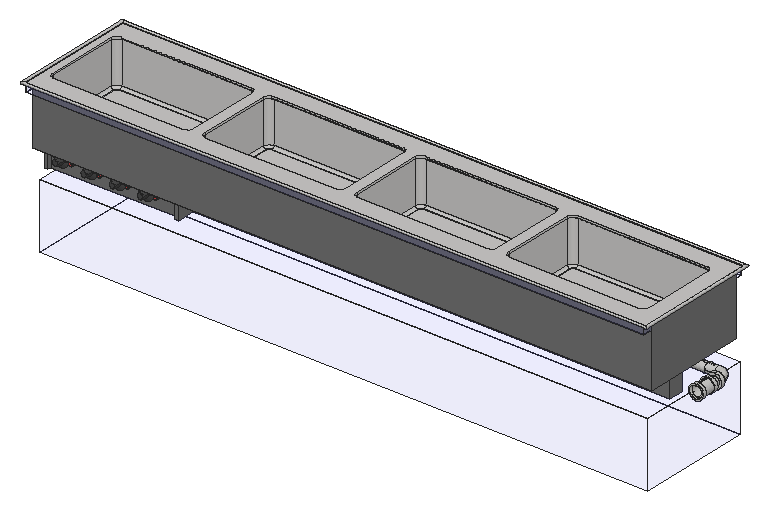
Revit family "QF_Vollrath_3664430_cat", category Specialty Equipment, Revit 2016
Family settings
  Part Type = Normal
  Round Connector Dimension = Use Radius
  OmniClass Number = 23.40.40.14.14
  OmniClass Title = Food Preparation Equipment
  Work Plane-Based = No
  Always vertical = Yes
  Cut with Voids When Loaded = No
  Shared = No
  Room Calculation Point = No
Parameters
  Width = 7' - 4 9/16"
  Weight in Pounds = 0
  Watts = 0 W
  Waste Water Discharge Temperature [instance] = -459.67 °F
  Volts = 0 V
  URL Cutsheet = ""
  URL = "www.vollrathco.com"
  Status [instance] = ""
  Specification by User [instance] = ""
  Specification by Manufacturer [instance] = ""
  Serial Number [instance] = ""
  Seismic Rating [instance] = ""
  SMACNA No [instance] = ""
  Revision Code [instance] = ""
  Remote Control Box [instance] = no
  Pnet Number = ""
  Plumbing Remarks [instance] = ""
  Plumbing Connection Type [instance] = ""
  Phase = 0
  Number of Poles = 1
  NAFEM Spec ID Number [instance] = ""
  Mounted Control Box [instance] = not(Remote Control Box)  # yes
  Model = "-"
  Masterspec [instance] = ""
  Manufacturer1 = ""
  Manufacturer Model = ""
  Manufacturer = "Vollrath"
  Length = 0' - 0"
  Legend Number = ""
  Item Number [instance] = "-"
  Item Description = ""
  Installed By [instance] = ""
  Indirect Waste Size = 1"
  Indirect Waste Flow [instance] = 0.00 GPM
  Indirect Waste Connection Type [instance] = ""
  Indirect Waste Connection Height [instance] = Height AFF - 1' 0 3/16"  # 1' - 11 13/16"
  Height AFF [instance] = 3' - 0"
  Height = 1' - 9"
  Furnished By [instance] = ""
  Foodservice Equipment Identifier [instance] = yes
  FL Amps = 0 A
  Electrical Remarks [instance] = ""
  Electric Connection Type [instance] = ""
  Elec Conn RI Height [instance] = 0' - 0"
  Elec Conn Connection Height [instance] = Height AFF - 0' 10"  # 2' - 2"
  EQUIPMENT MARK = ""
  EQUIPMENT DESCRIPTION = ""
  Description = "Short Side Hot Drop-in"
  Depth = 1' - 6"
  Cycle = 60 Hz
  Conn Plug = "-"
  CSI MasterFormat = "11 42 00"
  Auto Fill = no
  Assembly Code = "E1090320"
  Apparent Power = if(Phase = 3, Volts * FL Amps * 1.73, Volts * FL Amps)  # 0 VA
  Actual Weight = 0
  AF Watts = 16 W
  AF Waste Water Discharge Temperature [instance] = -459.67 °F
  AF Volts = 120 V
  AF Plumbing Remarks [instance] = ""
  AF Plumbing Connection Type [instance] = ""
  AF Phase = 1
  AF Number of Poles [instance] = 1
  AF Item Number [instance] = "-"
  AF Indirect Waste Size = 3/8"
  AF Indirect Waste Flow [instance] = 0.00 GPM
  AF Indirect Waste Connection Type [instance] = ""
  AF Indirect Waste Connection Height [instance] = Height AFF - 0' 2 1/2"  # 2' - 9 1/2"
  AF FL Amps = 0.2 A
  AF Electrical Remarks [instance] = ""
  AF Electric Connection Type [instance] = ""
  AF Elec Conn RI Height [instance] = 0' - 0"
  AF Elec Conn Connection Height [instance] = 2' - 6"
  AF Cycle = 60 Hz
  AF Conn Plug = "NEMA 5-15P"
  AF Cold Water Temperature Recommended [instance] = -459.67 °F
  AF Cold Water Size = 3/8"
  AF Cold Water RI Height [instance] = 0' - 0"
  AF Cold Water Minimum Pressure [instance] = 0.00 psi
  AF Cold Water Maximum Pressure [instance] = 0.00 psi
  AF Cold Water Flow [instance] = 0.00 GPM
  AF Cold Water Consumption [instance] = ""
  AF Cold Water Connection Height [instance] = Height AFF - 0' 8"  # 2' - 4"
  AF Apparent Power = AF Volts * AF FL Amps  # 24 VA
Reference planes (in)
  plane 1 "BACK": y = 0
  plane 2: z = 0
  plane 3 "LEFT": x = -15.489587
  plane 4 "RIGHT": x = 73.072913
  plane 5 "FRONT": y = -18
  plane 6 "Table Top": z = 36
  plane 7 "TOP": z = 36.375
  plane 8: y = -3
  plane 9: y = -15
  plane 10: x = -13.989587
  plane 11: x = 6.010413
  plane 12 "Bottom of Well": z = 29.625
  plane 13 "Bottom of Well Cover": z = 27.5
  plane 14: y = -1.5
  plane 15: y = -16.5
  plane 16: x = -14.989587
  plane 17: x = 72.572913
  plane 18 "Standard Drain": z = 23.75
  plane 19 "Drain FB": x = 4.010413
  plane 20 "Drain LR": y = -4
  plane 21: z = 24.5
  plane 22: z = 21.5
  plane 23 "Back of Panel": y = -12.5
  plane 24: y = -10.5
  plane 25: x = -14.489587
  plane 26: x = 72.010413
  plane 27 "Manifold Drain Top": z = 24.25
  plane 28 "Front of Panel": y = -14.5
  plane 29: x = 4.510413
  plane 30: x = 7.510413
  plane 31: x = 27.510413
  plane 32: x = 25.510413
  plane 33: x = 29.010413
  plane 34: x = 49.010413
  plane 35: x = 47.010413
  plane 36: x = 50.510413
  plane 37: x = 70.510413
  plane 38: x = 68.510413
  plane 39: z = 14.5
Forms (in)
  Sweep 1, solid, material "QF_Finishes_Stainless Steel"
    path origin (0, 0, 36) x (0, 1, 0) y (-1, 0, 0)
      loop
        line (0, 15.489587) -> (-18, 15.489587) -> (-18, -73.072913) -> (0, -73.072913) -> (0, 15.489587)
    profile origin (28.791663, 0, 36) x (0, 1, 0) y (0, 0, 1)
      loop
        line (-0.3712117, 0) -> (-0.1875, 0)
        arc (-0.1875, 0) -> (-0.0422631, 0.3060854) -> (-0.3712117, 0.225) r 0.1875
        line (-0.3712117, 0.225) -> (-0.3712117, 0)
  Sweep 2, solid, material "QF_Finishes_Stainless Steel"
    path origin (0, 0, 36) x (0, 1, 0) y (-1, 0, 0)
      loop
        arc (-3, 13.114587) -> (-3.2562816, 13.7333055) -> (-3.875, 13.989587) r 0.875
        line (-3.875, 13.989587) -> (-14.125, 13.989587)
        arc (-14.125, 13.989587) -> (-14.7437184, 13.7333055) -> (-15, 13.114587) r 0.875
        line (-15, 13.114587) -> (-15, -5.135413)
        arc (-15, -5.135413) -> (-14.7437184, -5.7541314) -> (-14.125, -6.010413) r 0.875
        line (-14.125, -6.010413) -> (-3.875, -6.010413)
        arc (-3.875, -6.010413) -> (-3.2562816, -5.7541314) -> (-3, -5.135413) r 0.875
        line (-3, -5.135413) -> (-3, 13.114587)
    profile origin (-3.989587, -3, 36) x (0, 1, 0) y (0, 0, 1)
      loop
        line (0, 0) -> (0, -5.875)
        arc (0, -5.875) -> (-0.109835, -6.140165) -> (-0.375, -6.25) r 0.375
        line (-0.375, -6.25) -> (-0.375, -6.375)
        arc (-0.375, -6.375) -> (-0.0214466, -6.2285534) -> (0.125, -5.875) r 0.5
        line (0.125, -5.875) -> (0.125, 0) -> (0, 0)
  Extrusion 3, solid, material "QF_Finishes_Stainless Steel"
    sketch origin (0, 0, 29.625) x (0, 1, 0) y (-1, 0, 0)
      loop
        arc (-3.375, 13.114587) -> (-3.5214466, 13.4681404) -> (-3.875, 13.614587) r 0.5
        line (-3.875, 13.614587) -> (-14.125, 13.614587)
        arc (-14.125, 13.614587) -> (-14.4785534, 13.4681404) -> (-14.625, 13.114587) r 0.5
        line (-14.625, 13.114587) -> (-14.625, -5.135413)
        arc (-14.625, -5.135413) -> (-14.4785534, -5.4889664) -> (-14.125, -5.635413) r 0.5
        line (-14.125, -5.635413) -> (-3.875, -5.635413)
        arc (-3.875, -5.635413) -> (-3.5214466, -5.4889664) -> (-3.375, -5.135413) r 0.5
        line (-3.375, -5.135413) -> (-3.375, 13.114587)
      loop
        circle (-4, -4.010413) r 0.5
    from 0 to 0.125
  Extrusion 4, solid, material "QF_Finishes_Dark Grey"
    sketch origin (0, 0, 27.5) x (0, 1, 0) y (-1, 0, 0)
      loop
        line (-1.625, 14.864587) -> (-16.375, 14.864587) -> (-16.375, -72.447913) -> (-1.625, -72.447913) -> (-1.625, 14.864587)
      loop
        circle (-4, -4.010413) r 0.5
      loop
        circle (-4, -25.510413) r 0.5
    from 0 to 0.125
  Extrusion 5, solid, material "QF_Finishes_Dark Grey"
    sketch origin (0, 0, 27.5) x (0, 1, 0) y (-1, 0, 0)
      loop
        line (-1.5, 14.989587) -> (-16.5, 14.989587) -> (-16.5, -72.572913) -> (-1.5, -72.572913) -> (-1.5, 14.989587)
      loop
        line (-1.625, 14.864587) -> (-16.375, 14.864587) -> (-16.375, -72.447913) -> (-1.625, -72.447913) -> (-1.625, 14.864587)
    from 0 to 8.5
  Extrusion 6, solid, material "QF_Finishes_Stainless Steel"
    sketch origin (0, 0, 27.5) x (0, 1, 0) y (-1, 0, 0)
      loop
        circle (-4, -4.010413) r 0.5
      loop
        circle (-4, -4.010413) r 0.625
    from -3.25 to 2.125
  Extrusion 7, solid, material "QF_Finishes_Dark Grey"
    sketch origin (-15.489587, 0, 0) x (0, 1, 0) y (0, 0, 1)
      loop
        line (-10.5, 27.5) -> (-12.5, 27.5) -> (-12.5, 24.5) -> (-10.5, 24.5) -> (-10.5, 27.5)
    from 1 to 87.5
  Extrusion 8, solid, material "QF_Finishes_Dark Grey", visible <- "Mounted Control Box"
    sketch origin (0, 0, 27.5) x (0, 1, 0) y (-1, 0, 0)
      loop
        line (-12.5, 14.489587) -> (-15, 14.489587) -> (-15, 13.989587) -> (-14.5, 13.989587) -> (-14.5, -4.010413) -> (-15, -4.010413) -> (-15, -4.510413) -> (-12.5, -4.510413) -> (-12.5, 14.489587)
    from 0 to -3
  Blend 9, solid, material "QF_Finishes_Black", visible <- "Mounted Control Box"
    base sketch origin (-16, -14.5, 0) x (-1, 0, 0) y (0, 0, 1)
      loop
        circle (-3.510413, 26) r 1
    top sketch origin (-16, -14.5, 0) x (-1, 0, 0) y (0, 0, 1)
      loop
        circle (-3.510413, 26) r 0.5
    from 0 to -0.25
  Blend 10, solid, material "QF_Finishes_Black", visible <- "Mounted Control Box"
    base sketch origin (-16, -14.5, 0) x (-1, 0, 0) y (0, 0, 1)
      loop
        circle (-3.510413, 26) r 0.5
    top sketch origin (-16, -14.5, 0) x (-1, 0, 0) y (0, 0, 1)
      loop
        circle (-3.510413, 26) r 0.375
    from -0.25 to -1
  Extrusion 11, solid, material "QF_Finishes_Black", visible <- "Mounted Control Box"
    sketch origin (-16, -14.5, 0) x (-1, 0, 0) y (0, 0, 1)
      loop
        circle (-5.010413, 26) r 0.25
    from 0 to -0.125
  Extrusion 12, solid, material "QF_Finishes_Red", visible <- "Mounted Control Box"
    sketch origin (-16, -14.5, 0) x (-1, 0, 0) y (0, 0, 1)
      loop
        circle (-5.010413, 26) r 0.1875
    from -0.125 to -0.25
  Extrusion 13, solid, material "QF_Finishes_Stainless Steel"
    sketch origin (13.25, 0, 29.625) x (0, 1, 0) y (-1, 0, 0)
      loop
        arc (-3.375, 4.864587) -> (-3.5214466, 5.2181404) -> (-3.875, 5.364587) r 0.5
        line (-3.875, 5.364587) -> (-14.125, 5.364587)
        arc (-14.125, 5.364587) -> (-14.4785534, 5.2181404) -> (-14.625, 4.864587) r 0.5
        line (-14.625, 4.864587) -> (-14.625, -13.385413)
        arc (-14.625, -13.385413) -> (-14.4785534, -13.7389664) -> (-14.125, -13.885413) r 0.5
        line (-14.125, -13.885413) -> (-3.875, -13.885413)
        arc (-3.875, -13.885413) -> (-3.5214466, -13.7389664) -> (-3.375, -13.385413) r 0.5
        line (-3.375, -13.385413) -> (-3.375, 4.864587)
      loop
        circle (-4, -12.260413) r 0.5
    from 0 to 0.125
  Blend 14, solid, material "QF_Finishes_Black", visible <- "Mounted Control Box"
    base sketch origin (-12, -14.5, 0) x (-1, 0, 0) y (0, 0, 1)
      loop
        circle (-7.510413, 26) r 1
    top sketch origin (-12, -14.5, 0) x (-1, 0, 0) y (0, 0, 1)
      loop
        circle (-7.510413, 26) r 0.5
    from 0 to -0.25
  Blend 15, solid, material "QF_Finishes_Black", visible <- "Mounted Control Box"
    base sketch origin (-12, -14.5, 0) x (-1, 0, 0) y (0, 0, 1)
      loop
        circle (-7.510413, 26) r 0.5
    top sketch origin (-12, -14.5, 0) x (-1, 0, 0) y (0, 0, 1)
      loop
        circle (-7.510413, 26) r 0.375
    from -0.25 to -1
  Extrusion 16, solid, material "QF_Finishes_Black", visible <- "Mounted Control Box"
    sketch origin (4, -14.5, 0) x (-1, 0, 0) y (0, 0, 1)
      loop
        circle (6.989587, 26) r 0.25
    from 0 to -0.125
  Extrusion 17, solid, material "QF_Finishes_Red", visible <- "Mounted Control Box"
    sketch origin (4, -14.5, 0) x (-1, 0, 0) y (0, 0, 1)
      loop
        circle (6.989587, 26) r 0.1875
    from -0.125 to -0.25
  Sweep 18, solid, material "QF_Finishes_Stainless Steel"
    path origin (13.25, 0, 36) x (0, 1, 0) y (-1, 0, 0)
      loop
        arc (-3, 4.864587) -> (-3.2562816, 5.4833055) -> (-3.875, 5.739587) r 0.875
        line (-3.875, 5.739587) -> (-14.125, 5.739587)
        arc (-14.125, 5.739587) -> (-14.7437184, 5.4833055) -> (-15, 4.864587) r 0.875
        line (-15, 4.864587) -> (-15, -13.385413)
        arc (-15, -13.385413) -> (-14.7437184, -14.0041314) -> (-14.125, -14.260413) r 0.875
        line (-14.125, -14.260413) -> (-3.875, -14.260413)
        arc (-3.875, -14.260413) -> (-3.2562816, -14.0041314) -> (-3, -13.385413) r 0.875
        line (-3, -13.385413) -> (-3, 4.864587)
    profile origin (17.510413, -3, 36) x (0, 1, 0) y (0, 0, 1)
      loop
        line (0, 0) -> (0, -5.875)
        arc (0, -5.875) -> (-0.109835, -6.140165) -> (-0.375, -6.25) r 0.375
        line (-0.375, -6.25) -> (-0.375, -6.375)
        arc (-0.375, -6.375) -> (-0.0214466, -6.2285534) -> (0.125, -5.875) r 0.5
        line (0.125, -5.875) -> (0.125, 0) -> (0, 0)
  Extrusion 19, solid, material "QF_Finishes_Stainless Steel"
    sketch origin (13.25, 0, 27.5) x (0, 1, 0) y (-1, 0, 0)
      loop
        circle (-4, -12.260413) r 0.5
      loop
        circle (-4, -12.260413) r 0.625
    from -3.25 to 2.125
  Sweep 20, solid, material "QF_Finishes_Stainless Steel"
    path origin (0.0116054, -4.0016118, 0) x (-1, 0, 0) y (0, 0, 1)
      loop
        line (-70.5691201, 24.25) -> (-2.697913, 24.25)
    profile origin (36.6451219, -4.0016118, 24.25) x (0, 0, 1) y (0, 1, 0)
      loop
        circle (0, 0) r 0.5
      loop
        circle (0, 0) r 0.625
  Extrusion 21, solid, material "QF_Finishes_Stainless Steel"
    sketch origin (4.2720184, -0.0016118, 0) x (0, 1, 0) y (0, 0, 1)
      loop
        circle (-4, 24.25) r 0.5
    from -1.5625 to -1.4375
  Revolve 22, solid, material "QF_Finishes_Stainless Steel"
    sketch origin (73.072913, 0, 0) x (0, 1, 0) y (0, 0, 1)
      loop
        line (-5.4703618, 24.7712902) -> (-5.4703618, 25.2712902) -> (-5.9703618, 25.2712902) -> (-5.9703618, 24.8962902) -> (-6.7203618, 24.8962902) -> (-6.7203618, 25.2712902) -> (-7.2203618, 25.2712902) -> (-7.2203618, 25.1462902) -> (-8.7203618, 25.1462902) -> (-8.7203618, 25.2712902) -> (-9.2203618, 25.2712902) -> (-9.2203618, 25.1462902) -> (-8.8453618, 25.1462902) -> (-8.8453618, 25.0212902) -> (-7.0953618, 25.0212902) -> (-7.0953618, 25.1462902) -> (-6.8453618, 25.1462902) -> (-6.8453618, 24.7712902) -> (-5.8453618, 24.7712902) -> (-5.8453618, 25.1462902) -> (-5.5953618, 25.1462902) -> (-5.5953618, 24.7712902) -> (-5.4703618, 24.7712902)
      axis (-9.2203618, 24.25) -> (-5.4703618, 24.25)
    angle from 0 to 360
  Sweep 23, solid, material "QF_Finishes_Stainless Steel"
    path origin (0, 0, 24.25) x (0, 1, 0) y (-1, 0, 0)
      loop
        line (-4.0016118, -70.5807255) -> (-4.0016118, -72.072913)
        arc (-4.0016118, -72.072913) -> (-4.294505, -72.7800198) -> (-5.0016118, -73.072913) r 1
        line (-5.0016118, -73.072913) -> (-5.5016118, -73.072913)
    profile origin (71.3268192, -4.0016118, 24.25) x (0, 1, 0) y (0, 0, 1)
      loop
        circle (0, 0) r 0.5
      loop
        circle (0, 0) r 0.6462902
  Extrusion 24, solid, material "QF_Finishes_Stainless Steel", visible <- "Auto Fill"
    sketch origin (-20.208337, -1.5, 0) x (-1, 0, 0) y (0, 0, -1)
      loop
        line (-24.25, -35) -> (-9.21875, -35) -> (-9.21875, -32) -> (-24.25, -32) -> (-24.25, -35)
    from 0 to -3.9375
  Extrusion 25, solid, material "QF_Finishes_Stainless Steel", visible <- "Auto Fill"
    sketch origin (-20.208337, -1.5, 0) x (-1, 0, 0) y (0, 0, -1)
      loop
        line (-5.21875, -32) -> (-5.21875, -27.90625) -> (-9.21875, -27.90625) -> (-9.21875, -32) -> (-5.21875, -32)
    from 0 to -2.5
  Extrusion 26, solid, material "QF_Finishes_Stainless Steel", visible <- "Auto Fill"
    sketch origin (4.041663, -16.489587, 0) x (0, 1, 0) y (0, 0, -1)
      loop
        circle (16.958337, -34.5) r 0.1875
    from 0 to -0.0625
  Extrusion 27, solid, material "QF_Finishes_Stainless Steel", visible <- "Auto Fill"
    sketch origin (-14.989587, -16.489587, 0) x (0, 1, 0) y (0, 0, -1)
      loop
        circle (16.239587, -30.96875) r 0.1875
      loop
        circle (16.239587, -28.9375) r 0.1875
    from 0 to 0.0625
  Extrusion 28, solid, material "QF_Finishes_Stainless Steel"
    sketch origin (35.25, 0, 29.625) x (0, 1, 0) y (-1, 0, 0)
      loop
        arc (-3.375, 5.364587) -> (-3.5214466, 5.7181404) -> (-3.875, 5.864587) r 0.5
        line (-3.875, 5.864587) -> (-14.125, 5.864587)
        arc (-14.125, 5.864587) -> (-14.4785534, 5.7181404) -> (-14.625, 5.364587) r 0.5
        line (-14.625, 5.364587) -> (-14.625, -12.885413)
        arc (-14.625, -12.885413) -> (-14.4785534, -13.2389664) -> (-14.125, -13.385413) r 0.5
        line (-14.125, -13.385413) -> (-3.875, -13.385413)
        arc (-3.875, -13.385413) -> (-3.5214466, -13.2389664) -> (-3.375, -12.885413) r 0.5
        line (-3.375, -12.885413) -> (-3.375, 5.364587)
      loop
        circle (-4, -11.760413) r 0.5
    from 0 to 0.125
  Sweep 29, solid, material "QF_Finishes_Stainless Steel"
    path origin (35.25, 0, 36) x (0, 1, 0) y (-1, 0, 0)
      loop
        arc (-3, 5.364587) -> (-3.2562816, 5.9833055) -> (-3.875, 6.239587) r 0.875
        line (-3.875, 6.239587) -> (-14.125, 6.239587)
        arc (-14.125, 6.239587) -> (-14.7437184, 5.9833055) -> (-15, 5.364587) r 0.875
        line (-15, 5.364587) -> (-15, -12.885413)
        arc (-15, -12.885413) -> (-14.7437184, -13.5041314) -> (-14.125, -13.760413) r 0.875
        line (-14.125, -13.760413) -> (-3.875, -13.760413)
        arc (-3.875, -13.760413) -> (-3.2562816, -13.5041314) -> (-3, -12.885413) r 0.875
        line (-3, -12.885413) -> (-3, 5.364587)
    profile origin (39.010413, -3, 36) x (0, 1, 0) y (0, 0, 1)
      loop
        line (0, 0) -> (0, -5.875)
        arc (0, -5.875) -> (-0.109835, -6.140165) -> (-0.375, -6.25) r 0.375
        line (-0.375, -6.25) -> (-0.375, -6.375)
        arc (-0.375, -6.375) -> (-0.0214466, -6.2285534) -> (0.125, -5.875) r 0.5
        line (0.125, -5.875) -> (0.125, 0) -> (0, 0)
  Extrusion 30, solid, material "QF_Finishes_Stainless Steel"
    sketch origin (35.25, 0, 27.5) x (0, 1, 0) y (-1, 0, 0)
      loop
        circle (-4, -11.760413) r 0.5
      loop
        circle (-4, -11.760413) r 0.625
    from -3.25 to 2.125
  Blend 31, solid, material "QF_Finishes_Black", visible <- "Mounted Control Box"
    base sketch origin (-16, -14.5, 0) x (-1, 0, 0) y (0, 0, 1)
      loop
        circle (-7.510413, 26) r 1
    top sketch origin (-16, -14.5, 0) x (-1, 0, 0) y (0, 0, 1)
      loop
        circle (-7.510413, 26) r 0.5
    from 0 to -0.25
  Blend 32, solid, material "QF_Finishes_Black", visible <- "Mounted Control Box"
    base sketch origin (-16, -14.5, 0) x (-1, 0, 0) y (0, 0, 1)
      loop
        circle (-7.510413, 26) r 0.5
    top sketch origin (-16, -14.5, 0) x (-1, 0, 0) y (0, 0, 1)
      loop
        circle (-7.510413, 26) r 0.375
    from -0.25 to -1
  Extrusion 33, solid, material "QF_Finishes_Black", visible <- "Mounted Control Box"
    sketch origin (0, -14.5, 0) x (-1, 0, 0) y (0, 0, 1)
      loop
        circle (6.989587, 26) r 0.25
    from 0 to -0.125
  Extrusion 34, solid, material "QF_Finishes_Red", visible <- "Mounted Control Box"
    sketch origin (0, -14.5, 0) x (-1, 0, 0) y (0, 0, 1)
      loop
        circle (6.989587, 26) r 0.1875
    from -0.125 to -0.25
  Extrusion 35, solid, material "QF_Finishes_Stainless Steel"
    sketch origin (0, 0, 36) x (0, 1, 0) y (-1, 0, 0)
      loop
        arc (-3, 13.114587) -> (-3.2562816, 13.7333055) -> (-3.875, 13.989587) r 0.875
        line (-3.875, 13.989587) -> (-14.125, 13.989587)
        arc (-14.125, 13.989587) -> (-14.7437184, 13.7333055) -> (-15, 13.114587) r 0.875
        line (-15, 13.114587) -> (-15, -5.135413)
        arc (-15, -5.135413) -> (-14.7437184, -5.7541314) -> (-14.125, -6.010413) r 0.875
        line (-14.125, -6.010413) -> (-3.875, -6.010413)
        arc (-3.875, -6.010413) -> (-3.2562816, -5.7541314) -> (-3, -5.135413) r 0.875
        line (-3, -5.135413) -> (-3, 13.114587)
      loop
        line (-0.3712117, 15.1183753) -> (-17.6287883, 15.1183753) -> (-17.6287883, -72.7017012) -> (-0.3712117, -72.7017012) -> (-0.3712117, 15.1183753)
      loop
        arc (-3, -8.385413) -> (-3.2562816, -7.7666945) -> (-3.875, -7.510413) r 0.875
        line (-3.875, -7.510413) -> (-14.125, -7.510413)
        arc (-14.125, -7.510413) -> (-14.7437184, -7.7666945) -> (-15, -8.385413) r 0.875
        line (-15, -8.385413) -> (-15, -26.635413)
        arc (-15, -26.635413) -> (-14.7437184, -27.2541314) -> (-14.125, -27.510413) r 0.875
        line (-14.125, -27.510413) -> (-3.875, -27.510413)
        arc (-3.875, -27.510413) -> (-3.2562816, -27.2541314) -> (-3, -26.635413) r 0.875
        line (-3, -26.635413) -> (-3, -8.385413)
      loop
        arc (-3, -29.885413) -> (-3.2562816, -29.2666945) -> (-3.875, -29.010413) r 0.875
        line (-3.875, -29.010413) -> (-14.125, -29.010413)
        arc (-14.125, -29.010413) -> (-14.7437184, -29.2666945) -> (-15, -29.885413) r 0.875
        line (-15, -29.885413) -> (-15, -48.135413)
        arc (-15, -48.135413) -> (-14.7437184, -48.7541314) -> (-14.125, -49.010413) r 0.875
        line (-14.125, -49.010413) -> (-3.875, -49.010413)
        arc (-3.875, -49.010413) -> (-3.2562816, -48.7541314) -> (-3, -48.135413) r 0.875
        line (-3, -48.135413) -> (-3, -29.885413)
      loop
        arc (-3, -51.385413) -> (-3.2562816, -50.7666945) -> (-3.875, -50.510413) r 0.875
        line (-3.875, -50.510413) -> (-14.125, -50.510413)
        arc (-14.125, -50.510413) -> (-14.7437184, -50.7666945) -> (-15, -51.385413) r 0.875
        line (-15, -51.385413) -> (-15, -69.635413)
        arc (-15, -69.635413) -> (-14.7437184, -70.2541314) -> (-14.125, -70.510413) r 0.875
        line (-14.125, -70.510413) -> (-3.875, -70.510413)
        arc (-3.875, -70.510413) -> (-3.2562816, -70.2541314) -> (-3, -69.635413) r 0.875
        line (-3, -69.635413) -> (-3, -51.385413)
    from 0 to 0.2265625
  Extrusion 36, solid, material "QF_Finishes_Stainless Steel"
    sketch origin (56.75, 0, 29.625) x (0, 1, 0) y (-1, 0, 0)
      loop
        arc (-3.375, 5.364587) -> (-3.5214466, 5.7181404) -> (-3.875, 5.864587) r 0.5
        line (-3.875, 5.864587) -> (-14.125, 5.864587)
        arc (-14.125, 5.864587) -> (-14.4785534, 5.7181404) -> (-14.625, 5.364587) r 0.5
        line (-14.625, 5.364587) -> (-14.625, -12.885413)
        arc (-14.625, -12.885413) -> (-14.4785534, -13.2389664) -> (-14.125, -13.385413) r 0.5
        line (-14.125, -13.385413) -> (-3.875, -13.385413)
        arc (-3.875, -13.385413) -> (-3.5214466, -13.2389664) -> (-3.375, -12.885413) r 0.5
        line (-3.375, -12.885413) -> (-3.375, 5.364587)
      loop
        circle (-4, -11.760413) r 0.5
    from 0 to 0.125
  Sweep 37, solid, material "QF_Finishes_Stainless Steel"
    path origin (56.75, 0, 36) x (0, 1, 0) y (-1, 0, 0)
      loop
        arc (-3, 5.364587) -> (-3.2562816, 5.9833055) -> (-3.875, 6.239587) r 0.875
        line (-3.875, 6.239587) -> (-14.125, 6.239587)
        arc (-14.125, 6.239587) -> (-14.7437184, 5.9833055) -> (-15, 5.364587) r 0.875
        line (-15, 5.364587) -> (-15, -12.885413)
        arc (-15, -12.885413) -> (-14.7437184, -13.5041314) -> (-14.125, -13.760413) r 0.875
        line (-14.125, -13.760413) -> (-3.875, -13.760413)
        arc (-3.875, -13.760413) -> (-3.2562816, -13.5041314) -> (-3, -12.885413) r 0.875
        line (-3, -12.885413) -> (-3, 5.364587)
    profile origin (60.510413, -3, 36) x (0, 1, 0) y (0, 0, 1)
      loop
        line (0, 0) -> (0, -5.875)
        arc (0, -5.875) -> (-0.109835, -6.140165) -> (-0.375, -6.25) r 0.375
        line (-0.375, -6.25) -> (-0.375, -6.375)
        arc (-0.375, -6.375) -> (-0.0214466, -6.2285534) -> (0.125, -5.875) r 0.5
        line (0.125, -5.875) -> (0.125, 0) -> (0, 0)
  Extrusion 38, solid, material "QF_Finishes_Stainless Steel"
    sketch origin (56.75, 0, 27.5) x (0, 1, 0) y (-1, 0, 0)
      loop
        circle (-4, -11.760413) r 0.5
      loop
        circle (-4, -11.760413) r 0.625
    from -3.25 to 2.125
  Blend 39, solid, material "QF_Finishes_Black", visible <- "Mounted Control Box"
    base sketch origin (-8, -14.5, 0) x (-1, 0, 0) y (0, 0, 1)
      loop
        circle (-7.510413, 26) r 1
    top sketch origin (-8, -14.5, 0) x (-1, 0, 0) y (0, 0, 1)
      loop
        circle (-7.510413, 26) r 0.5
    from 0 to -0.25
  Blend 40, solid, material "QF_Finishes_Black", visible <- "Mounted Control Box"
    base sketch origin (-8, -14.5, 0) x (-1, 0, 0) y (0, 0, 1)
      loop
        circle (-7.510413, 26) r 0.5
    top sketch origin (-8, -14.5, 0) x (-1, 0, 0) y (0, 0, 1)
      loop
        circle (-7.510413, 26) r 0.375
    from -0.25 to -1
  Extrusion 41, solid, material "QF_Finishes_Black", visible <- "Mounted Control Box"
    sketch origin (8, -14.5, 0) x (-1, 0, 0) y (0, 0, 1)
      loop
        circle (6.989587, 26) r 0.25
    from 0 to -0.125
  Extrusion 42, solid, material "QF_Finishes_Red", visible <- "Mounted Control Box"
    sketch origin (8, -14.5, 0) x (-1, 0, 0) y (0, 0, 1)
      loop
        circle (6.989587, 26) r 0.1875
    from -0.125 to -0.25
  Extrusion 43, solid, material "QF_Finishes_Clearances"
    sketch origin (0, 0, 36) x (0, 1, 0) y (-1, 0, 0)
      loop
        line (-17.6875, 14.989587) -> (-17.6875, -72.510413) -> (-0.375, -72.510413) -> (-0.375, 14.989587) -> (-17.6875, 14.989587)
      loop
        line (-0.5, -72.385413) -> (-0.5, 14.864587) -> (-17.5625, 14.864587) -> (-17.5625, -72.385413) -> (-0.5, -72.385413)
    from 0 to -1
  Extrusion 44, solid, material "QF_Finishes_Clearances"
    sketch origin (4.010413, 0, 0) x (0, 1, 0) y (0, 0, 1)
      loop
        line (0, 23.75) -> (-16.5, 23.75) -> (-16.5, 14.5) -> (0, 14.5) -> (0, 23.75)
    from -18 to 68
Lines and regions (in)
  symbolic lines
    curve 1: line (-15.489587, 0, 27.5) -> (73.072913, 0, 27.5)
    curve 2: line (-15.489587, -18, 27.5) -> (-15.489587, 0, 27.5)
    curve 3: line (73.072913, -18, 27.5) -> (-15.489587, -18, 27.5)
    curve 4: line (73.072913, 0, 27.5) -> (73.072913, -18, 27.5)
    curve 5: line (-13.114587, -3, 27.5) -> (5.135413, -3, 27.5)
    curve 6: line (-13.989587, -14.125, 27.5) -> (-13.989587, -3.875, 27.5)
    curve 7: line (5.135413, -15, 27.5) -> (-13.114587, -15, 27.5)
    curve 8: line (6.010413, -3.875, 27.5) -> (6.010413, -14.125, 27.5)
    curve 9: arc (-13.114587, -15, 27.5) -> (-13.7333055, -14.7437184, 27.5) -> (-13.989587, -14.125, 27.5) r 0.875
    curve 10: arc (5.135413, -15, 27.5) -> (5.7541314, -14.7437184, 27.5) -> (6.010413, -14.125, 27.5) r 0.875
    curve 11: arc (-13.989587, -3.875, 27.5) -> (-13.7333055, -3.2562816, 27.5) -> (-13.114587, -3, 27.5) r 0.875
    curve 12: arc (5.135413, -3, 27.5) -> (5.7541314, -3.2562816, 27.5) -> (6.010413, -3.875, 27.5) r 0.875
    curve 13: line (8.385413, -3, 27.5) -> (26.635413, -3, 27.5)
    curve 14: line (7.510413, -14.125, 27.5) -> (7.510413, -3.875, 27.5)
    curve 15: line (26.635413, -15, 27.5) -> (8.385413, -15, 27.5)
    curve 16: line (27.510413, -3.875, 27.5) -> (27.510413, -14.125, 27.5)
    curve 17: arc (8.385413, -15, 27.5) -> (7.7666945, -14.7437184, 27.5) -> (7.510413, -14.125, 27.5) r 0.875
    curve 18: arc (26.635413, -15, 27.5) -> (27.2541314, -14.7437184, 27.5) -> (27.510413, -14.125, 27.5) r 0.875
    curve 19: arc (7.510413, -3.875, 27.5) -> (7.7666945, -3.2562816, 27.5) -> (8.385413, -3, 27.5) r 0.875
    curve 20: arc (26.635413, -3, 27.5) -> (27.2541314, -3.2562816, 27.5) -> (27.510413, -3.875, 27.5) r 0.875
    curve 26: line (29.885413, -3, 27.5) -> (48.135413, -3, 27.5)
    curve 27: line (29.010413, -14.125, 27.5) -> (29.010413, -3.875, 27.5)
    curve 28: line (48.135413, -15, 27.5) -> (29.885413, -15, 27.5)
    curve 29: line (49.010413, -3.875, 27.5) -> (49.010413, -14.125, 27.5)
    curve 30: arc (29.885413, -15, 27.5) -> (29.2666945, -14.7437184, 27.5) -> (29.010413, -14.125, 27.5) r 0.875
    curve 31: arc (48.135413, -15, 27.5) -> (48.7541314, -14.7437184, 27.5) -> (49.010413, -14.125, 27.5) r 0.875
    curve 32: arc (29.010413, -3.875, 27.5) -> (29.2666945, -3.2562816, 27.5) -> (29.885413, -3, 27.5) r 0.875
    curve 33: arc (48.135413, -3, 27.5) -> (48.7541314, -3.2562816, 27.5) -> (49.010413, -3.875, 27.5) r 0.875
    curve 34: line (51.385413, -3, 27.5) -> (69.635413, -3, 27.5)
    curve 35: line (50.510413, -14.125, 27.5) -> (50.510413, -3.875, 27.5)
    curve 36: line (69.635413, -15, 27.5) -> (51.385413, -15, 27.5)
    curve 37: line (70.510413, -3.875, 27.5) -> (70.510413, -14.125, 27.5)
    curve 38: arc (51.385413, -15, 27.5) -> (50.7666945, -14.7437184, 27.5) -> (50.510413, -14.125, 27.5) r 0.875
    curve 39: arc (69.635413, -15, 27.5) -> (70.2541314, -14.7437184, 27.5) -> (70.510413, -14.125, 27.5) r 0.875
    curve 40: arc (50.510413, -3.875, 27.5) -> (50.7666945, -3.2562816, 27.5) -> (51.385413, -3, 27.5) r 0.875
    curve 41: arc (69.635413, -3, 27.5) -> (70.2541314, -3.2562816, 27.5) -> (70.510413, -3.875, 27.5) r 0.875
  symbolic lines, style "QF_Surface Details", visible <- "Auto Fill"
    curve 21: line (-14.989587, -1, 26.5) -> (-14.989587, 1, 26.5)
    curve 22: line (-14.989587, 1, 26.5) -> (-10.989587, 1, 26.5)
    curve 23: line (-10.989587, -1, 26.5) -> (-10.989587, 2.4375, 26.5)
    curve 24: line (-10.989587, 2.4375, 26.5) -> (4.041663, 2.4375, 26.5)
    curve 25: line (4.041663, 2.4375, 26.5) -> (4.041663, -1, 26.5)
  model lines, style "QF_Cutout"
    curve 42: line (-14.989587, -17.6875, 36.375) -> (-14.989587, -17.6875, 42.375)
    curve 43: line (72.510413, -17.6875, 36.375) -> (72.510413, -17.6875, 42.375)
    curve 44: line (-14.989587, -0.375, 36.375) -> (-14.989587, -0.375, 42.375)
    curve 45: line (72.510413, -0.375, 36.375) -> (72.510413, -0.375, 42.375)
Dimensions and locks (in)
  "Width": plane 3 "LEFT" to plane 4 "RIGHT"
  "Depth": plane 5 "FRONT" to plane 1 "BACK"
  "Height AFF": plane 6 "Table Top" to level
  locked: plane 7 "TOP" to plane 6 "Table Top" at 0.375
  locked: plane 1 "BACK" to plane 8 at 3
  locked: plane 9 to plane 5 "FRONT" at 3
  locked: plane 3 "LEFT" to plane 10 at 1.5
  locked: profile plane to Sweep 1 sketch curve at 0.3712117
  locked: plane 6 "Table Top" to plane 12 "Bottom of Well" at 6.375
  locked: plane 6 "Table Top" to plane 13 "Bottom of Well Cover" at 8.5
  locked: plane 1 "BACK" to plane 14 at 1.5
  locked: plane 15 to plane 5 "FRONT" at 1.5
  locked: plane 3 "LEFT" to plane 16 at 0.5
  locked: plane 17 to plane 4 "RIGHT" at 0.5
  locked: plane 1 "BACK" to plane 20 "Drain LR" at 4
  locked: plane 13 "Bottom of Well Cover" to plane 21 at 3
  locked: plane 21 to plane 22 at 3
  locked: plane 24 to plane 23 "Back of Panel" at 2
  locked: plane 23 "Back of Panel" to plane 5 "FRONT" at 5.5
  locked: plane 16 to plane 25 at 0.5
  locked: plane 26 to plane 17 at 0.5625
  plane 23 "Back of Panel" to plane 28 "Front of Panel" = 0' - 2"
  locked: plane 25 to plane 29 at 19
  locked: plane 25 to Extrusion 8 sketch curve at 0.5
  locked: Extrusion 8 sketch curve to plane 29 at 0.5
  locked: plane 13 "Bottom of Well Cover" to plane 27 "Manifold Drain Top" at 3.25
  locked: plane 13 "Bottom of Well Cover" to plane 18 "Standard Drain" at 3.75
  locked: plane 10 to plane 11 at 20
  locked: plane 30 to plane 31 at 20
  locked: plane 32 to plane 31 at 2
  locked: plane 19 "Drain FB" to plane 11 at 2
  locked: plane 11 to plane 30 at 1.5
  locked: plane 33 to plane 34 at 20
  locked: plane 35 to plane 34 at 2
  locked: plane 31 to plane 33 at 1.5
  locked: plane 6 "Table Top" to Extrusion 24 sketch curve at 1
  locked: plane 6 "Table Top" to Extrusion 24 sketch curve at 4
  locked: plane 6 "Table Top" to Extrusion 25 sketch curve at 4
  locked: plane 6 "Table Top" to Extrusion 25 sketch curve at 8.09375
  locked: plane 13 "Bottom of Well Cover" to Blend 9 sketch curve at 1.5  (x2)
  locked: Blend 9 sketch curve to plane 25 at 2  (x2)
  locked: Blend 10 sketch curve to plane 25 at 2
  locked: plane 13 "Bottom of Well Cover" to Blend 10 sketch curve at 1.5
  locked: plane 13 "Bottom of Well Cover" to Extrusion 11 sketch curve at 1.5
  locked: Extrusion 11 sketch curve to plane 25 at 3.5
  locked: plane 13 "Bottom of Well Cover" to Extrusion 12 sketch curve at 1.5
  locked: Extrusion 12 sketch curve to plane 25 at 3.5
  locked: plane 13 "Bottom of Well Cover" to Blend 31 sketch curve at 1.5  (x2)
  locked: Blend 31 sketch curve to plane 25 at 6  (x2)
  locked: plane 13 "Bottom of Well Cover" to Blend 32 sketch curve at 1.5
  locked: Blend 32 sketch curve to plane 25 at 6
  locked: Extrusion 33 sketch curve to plane 25 at 7.5
  locked: plane 13 "Bottom of Well Cover" to Extrusion 33 sketch curve at 1.5
  locked: Extrusion 34 sketch curve to plane 25 at 7.5
  locked: plane 13 "Bottom of Well Cover" to Extrusion 34 sketch curve at 1.5
  locked: plane 13 "Bottom of Well Cover" to Blend 14 sketch curve at 1.5  (x2)
  locked: Blend 14 sketch curve to plane 25 at 10  (x2)
  locked: plane 13 "Bottom of Well Cover" to Blend 15 sketch curve at 1.5
  locked: Blend 15 sketch curve to plane 25 at 10
  locked: Extrusion 16 sketch curve to plane 25 at 11.5
  locked: plane 13 "Bottom of Well Cover" to Extrusion 16 sketch curve at 1.5
  locked: plane 13 "Bottom of Well Cover" to Extrusion 17 sketch curve at 1.5
  locked: Extrusion 17 sketch curve to plane 25 at 11.5
  locked: plane 6 "Table Top" to Extrusion 27 sketch curve at 7.0625
  locked: Extrusion 27 sketch curve to plane 14 at 1.25
  locked: Extrusion 27 sketch curve to Extrusion 27 sketch curve at 2.03125
  locked: plane 6 "Table Top" to Extrusion 26 sketch curve at 1.5
  locked: Extrusion 26 sketch curve to plane 14 at 1.96875
  locked: plane 36 to plane 37 at 20
  locked: plane 38 to plane 37 at 2
  locked: plane 34 to plane 36 at 1.5
  locked: Blend 39 sketch curve to plane 25 at 14  (x2)
  locked: plane 13 "Bottom of Well Cover" to Blend 39 sketch curve at 1.5  (x2)
  locked: Blend 40 sketch curve to plane 25 at 14
  locked: plane 13 "Bottom of Well Cover" to Blend 40 sketch curve at 1.5
  locked: plane 13 "Bottom of Well Cover" to Extrusion 41 sketch curve at 1.5
  locked: Extrusion 41 sketch curve to plane 25 at 15.5
  locked: Extrusion 42 sketch curve to plane 25 at 15.5
  locked: plane 13 "Bottom of Well Cover" to Extrusion 42 sketch curve at 1.5
  plane 1 "BACK" to Extrusion 43 sketch curve = 0' - 0 3/8"
  locked: Extrusion 43 sketch curve to Extrusion 43 sketch curve at 0.125  (x4)
  locked: plane 5 "FRONT" to Extrusion 43 sketch curve at 0.3125
  locked: plane 3 "LEFT" to Extrusion 43 sketch curve at 0.5
  locked: Extrusion 43 sketch curve to plane 4 "RIGHT" at 0.5625
  locked: plane 6 "Table Top" to plane 39 at 21.5
  aligned and locked: level to plane 2
  aligned and locked: Sweep 1 sketch curve to profile plane
  aligned and locked: plane 1 "BACK" to Sweep 1 sketch curve
  aligned and locked: plane 3 "LEFT" to Sweep 1 sketch curve
  aligned and locked: Sweep 1 sketch curve to plane 5 "FRONT"
  aligned and locked: Sweep 1 sketch curve to plane 4 "RIGHT"
  aligned and locked: Sweep 2 sketch curve to plane 8
  aligned and locked: plane 10 to Sweep 2 sketch curve
  aligned and locked: plane 9 to Sweep 2 sketch curve
  aligned and locked: plane 11 to Sweep 2 sketch curve
  aligned and locked: plane 8 to Sweep 2 sketch curve
  aligned and locked: Sweep 2 sketch curve to plane 6 "Table Top"
  aligned and locked: Extrusion 3 sketch curve to Sweep 2  (x2)
  aligned and locked: Sweep 2 to Extrusion 3 sketch curve  (x2)
  aligned and locked: Extrusion 3 to Sweep 2
  aligned and locked: Extrusion 4 sketch curve to Extrusion 3  (x2)
  aligned and locked: plane 16 to Extrusion 5 sketch curve
  aligned and locked: Extrusion 5 sketch curve to plane 14
  aligned and locked: Extrusion 5 sketch curve to plane 17
  aligned and locked: plane 15 to Extrusion 5 sketch curve
  aligned and locked: plane 6 "Table Top" to Extrusion 5
  aligned and locked: Extrusion 4 sketch curve to Extrusion 5  (x4)
  aligned and locked: Extrusion 6 sketch curve to Extrusion 3  (x2)
  aligned and locked: plane 12 "Bottom of Well" to Extrusion 6
  aligned and locked: Extrusion 7 sketch curve to plane 13 "Bottom of Well Cover"
  aligned and locked: plane 23 "Back of Panel" to Extrusion 7 sketch curve
  aligned and locked: Extrusion 7 sketch curve to plane 24
  aligned and locked: plane 21 to Extrusion 7 sketch curve
  aligned and locked: Extrusion 7 to plane 25
  aligned and locked: plane 26 to Extrusion 7
  aligned and locked: Extrusion 8 sketch curve to plane 23 "Back of Panel"
  aligned and locked: Extrusion 8 sketch curve to plane 29
  aligned and locked: Extrusion 8 sketch curve to plane 25
  aligned and locked: plane 28 "Front of Panel" to Extrusion 8 sketch curve
  aligned and locked: Extrusion 8 to plane 21
  aligned and locked: Blend 10 sketch curve to Blend 9  (x2)
  aligned and locked: plane 1 "BACK" to curve 1
  aligned and locked: plane 3 "LEFT" to curve 2
  aligned and locked: curve 4 to plane 4 "RIGHT"
  aligned and locked: curve 3 to plane 5 "FRONT"
  aligned and locked: curve 5 to plane 8
  aligned and locked: plane 11 to curve 8
  aligned and locked: plane 10 to curve 6
  aligned and locked: plane 9 to curve 7
  aligned and locked: Blend 15 sketch curve to Blend 14  (x2)
  aligned and locked: Sweep 23 to Sweep 20 sketch curve
  aligned and locked: Extrusion 13 sketch curve to Sweep 18  (x2)
  aligned and locked: Blend 32 sketch curve to Blend 31  (x2)
  aligned and locked: Sweep 1 to Extrusion 35 sketch curve  (x4)
  aligned and locked: plane 9 to Extrusion 35 sketch curve  (x3)
  aligned and locked: Extrusion 35 sketch curve to plane 8  (x3)
  aligned and locked: plane 10 to Extrusion 35 sketch curve
  aligned and locked: plane 11 to Extrusion 35 sketch curve
  aligned and locked: Extrusion 35 sketch curve to plane 30
  aligned and locked: plane 31 to Extrusion 35 sketch curve
  aligned and locked: Extrusion 35 sketch curve to plane 33
  aligned and locked: plane 34 to Extrusion 35 sketch curve
  aligned and locked: Blend 40 sketch curve to Blend 39  (x2)
  aligned and locked: Extrusion 43 to Extrusion 24
  aligned and locked: plane 18 "Standard Drain" to Extrusion 44 sketch curve
  aligned and locked: Extrusion 44 sketch curve to plane 1 "BACK"
  aligned and locked: Extrusion 44 sketch curve to plane 39
  aligned and locked: Extrusion 44 sketch curve to plane 15
  aligned and locked: Extrusion 44 to plane 10
  aligned and locked: plane 26 to Extrusion 44
Automatic sketch dimensions
  plane 28 "Front of Panel" to Sweep 2 sketch curve = 0' - 0 3/8"  (x2)
  plane 20 "Drain LR" to Sweep 2 sketch curve = 0' - 0 1/8"  (x2)
  plane 15 to Extrusion 5 sketch curve = 0' - 0 1/8"
  Extrusion 5 sketch curve to plane 14 = 0' - 0 1/8"
  Extrusion 5 sketch curve to plane 17 = 0' - 0 1/8"
  plane 16 to Extrusion 5 sketch curve = 0' - 0 1/8"
  Extrusion 8 sketch curve to plane 9 = 0' - 0"  (x2)
  Sweep 18 sketch curve to plane 9 = 0' - 0"
  Sweep 18 sketch curve to plane 30 = 0' - 0"
  Sweep 18 sketch curve to plane 31 = 0' - 0"
  Sweep 18 sketch curve to plane 8 = 0' - 0"
  plane 28 "Front of Panel" to Sweep 18 sketch curve = 0' - 0 3/8"  (x2)
  plane 20 "Drain LR" to Sweep 18 sketch curve = 0' - 0 1/8"  (x2)
  Extrusion 19 sketch curve to Extrusion 19 sketch curve = 0' - 0"  (x12)
  Extrusion 19 sketch curve to plane 32 = 0' - 0"
  Extrusion 19 sketch curve to plane 20 "Drain LR" = 0' - 0"
  Extrusion 19 sketch curve to plane 20 "Drain LR" = 0' - 0 1/2"
  Extrusion 19 sketch curve to Extrusion 19 sketch curve = 0' - 0 1/8"
  Sweep 20 sketch curve to plane 37 = 0' - 0 9/128"
  Sweep 20 sketch curve to plane 19 "Drain FB" = 0' - 1.30089"
  Sweep 20 sketch curve to Sweep 20 sketch curve = 0' - 0"  (x2)
  profile plane to Sweep 20 sketch curve = 0' - 0"
  Sweep 20 sketch curve to profile plane = 0' - 0"
  Extrusion 21 sketch curve to plane 27 "Manifold Drain Top" = 0' - 0"
  Extrusion 21 sketch curve to plane 20 "Drain LR" = 0' - 0.00161"
  Sweep 23 sketch curve to plane 4 "RIGHT" = 0' - 0"
  Sweep 23 sketch curve to plane 20 "Drain LR" = 0' - 1.50161"
  Sweep 23 sketch curve to Sweep 23 sketch curve = 0' - 0 1/2"
  Sweep 23 sketch curve to plane 20 "Drain LR" = 0' - 0.00161"
  Sweep 23 sketch curve to plane 37 = 0' - 0 9/128"
  Sweep 23 sketch curve to Sweep 23 sketch curve = 0' - 0"  (x2)
  Sweep 23 sketch curve to plane 27 "Manifold Drain Top" = 0' - 0"
  Sweep 23 sketch curve to profile plane = 0' - 0"
  curve 21 to plane 16 = 0' - 0"
  plane 14 to curve 21 = 0' - 0 1/2"
  plane 19 "Drain FB" to curve 25 = 0' - 0 1/32"
  plane 14 to curve 25 = 0' - 0 1/2"
  plane 14 to curve 23 = 0' - 0 1/2"
  curve 22 to plane 1 "BACK" = 0' - 1"
  curve 24 to plane 1 "BACK" = 0' - 2 7/16"
  plane 10 to curve 22 = 0' - 3"
  plane 19 "Drain FB" to Extrusion 24 sketch curve = 0' - 0 1/32"
  plane 10 to Extrusion 24 sketch curve = 0' - 3"
  Extrusion 25 sketch curve to plane 16 = 0' - 0"
  plane 10 to Extrusion 25 sketch curve = 0' - 3"
  plane 1 "BACK" to Extrusion 27 sketch curve = 0' - 0 1/4"
  Extrusion 28 sketch curve to plane 20 "Drain LR" = 0' - 0"
  Extrusion 28 sketch curve to plane 35 = 0' - 0"
  plane 28 "Front of Panel" to Extrusion 28 sketch curve = 0' - 0 3/8"  (x2)
  Extrusion 28 sketch curve to plane 28 "Front of Panel" = 0' - 0 1/8"
  plane 20 "Drain LR" to Extrusion 28 sketch curve = 0' - 0 1/8"  (x2)
  Extrusion 28 sketch curve to plane 8 = 0' - 0 3/8"
  plane 34 to Extrusion 28 sketch curve = 0' - 0 7/8"
  Extrusion 28 sketch curve to plane 33 = 0' - 0 7/8"
  Sweep 29 sketch curve to plane 9 = 0' - 0"
  Sweep 29 sketch curve to plane 33 = 0' - 0"
  Sweep 29 sketch curve to plane 34 = 0' - 0"
  Sweep 29 sketch curve to plane 8 = 0' - 0"
  plane 28 "Front of Panel" to Sweep 29 sketch curve = 0' - 0 3/8"  (x2)
  plane 20 "Drain LR" to Sweep 29 sketch curve = 0' - 0 1/8"  (x2)
  Extrusion 30 sketch curve to Extrusion 30 sketch curve = 0' - 0"  (x12)
  Extrusion 30 sketch curve to plane 35 = 0' - 0"
  Extrusion 30 sketch curve to plane 20 "Drain LR" = 0' - 0"
  Extrusion 30 sketch curve to plane 20 "Drain LR" = 0' - 0 1/2"
  Extrusion 30 sketch curve to Extrusion 30 sketch curve = 0' - 0 1/8"
  Extrusion 36 sketch curve to plane 20 "Drain LR" = 0' - 0"
  Extrusion 36 sketch curve to plane 38 = 0' - 0"
  plane 28 "Front of Panel" to Extrusion 36 sketch curve = 0' - 0 3/8"  (x2)
  Extrusion 36 sketch curve to plane 28 "Front of Panel" = 0' - 0 1/8"
  plane 20 "Drain LR" to Extrusion 36 sketch curve = 0' - 0 1/8"  (x2)
  Extrusion 36 sketch curve to plane 8 = 0' - 0 3/8"
  plane 37 to Extrusion 36 sketch curve = 0' - 0 7/8"
  Extrusion 36 sketch curve to plane 36 = 0' - 0 7/8"
  Sweep 37 sketch curve to plane 9 = 0' - 0"
  Sweep 37 sketch curve to plane 36 = 0' - 0"
  Sweep 37 sketch curve to plane 37 = 0' - 0"
  Sweep 37 sketch curve to plane 8 = 0' - 0"
  plane 28 "Front of Panel" to Sweep 37 sketch curve = 0' - 0 3/8"  (x2)
  plane 20 "Drain LR" to Sweep 37 sketch curve = 0' - 0 1/8"  (x2)
  Extrusion 38 sketch curve to Extrusion 38 sketch curve = 0' - 0"  (x12)
  Extrusion 38 sketch curve to plane 38 = 0' - 0"
  Extrusion 38 sketch curve to plane 20 "Drain LR" = 0' - 0"
  Extrusion 38 sketch curve to plane 20 "Drain LR" = 0' - 0 1/2"
  Extrusion 38 sketch curve to Extrusion 38 sketch curve = 0' - 0 1/8"
  curve 36 to plane 9 = 0' - 0"
  curve 15 to plane 9 = 0' - 0"
  curve 28 to plane 9 = 0' - 0"
  curve 39 to plane 37 = 0' - 0"
  curve 30 to plane 33 = 0' - 0"
  curve 38 to plane 36 = 0' - 0"
  curve 31 to plane 34 = 0' - 0"
  curve 14 to plane 30 = 0' - 0"
  curve 16 to plane 31 = 0' - 0"
  curve 34 to plane 8 = 0' - 0"
  curve 33 to plane 8 = 0' - 0"
  curve 20 to plane 8 = 0' - 0"
  plane 28 "Front of Panel" to curve 39 = 0' - 0 3/8"
  plane 28 "Front of Panel" to curve 31 = 0' - 0 3/8"
  plane 28 "Front of Panel" to curve 6 = 0' - 0 3/8"
  plane 28 "Front of Panel" to curve 30 = 0' - 0 3/8"
  plane 28 "Front of Panel" to curve 8 = 0' - 0 3/8"
  plane 28 "Front of Panel" to curve 17 = 0' - 0 3/8"
  plane 28 "Front of Panel" to curve 38 = 0' - 0 3/8"
  plane 28 "Front of Panel" to curve 16 = 0' - 0 3/8"
  plane 20 "Drain LR" to curve 19 = 0' - 0 1/8"
  plane 20 "Drain LR" to curve 20 = 0' - 0 1/8"
  plane 20 "Drain LR" to curve 37 = 0' - 0 1/8"
  plane 20 "Drain LR" to curve 27 = 0' - 0 1/8"
  plane 20 "Drain LR" to curve 12 = 0' - 0 1/8"
  plane 20 "Drain LR" to curve 29 = 0' - 0 1/8"
  plane 20 "Drain LR" to curve 11 = 0' - 0 1/8"
  plane 20 "Drain LR" to curve 40 = 0' - 0 1/8"
  Sweep 1 sketch curve to Sweep 1 sketch curve = 0' - 0.18371"
  plane 6 "Table Top" to Sweep 1 sketch curve = 0' - 0 3/16"
  Sweep 2 sketch curve to Sweep 2 sketch curve = 0' - 0"  (x2)
  profile plane to Sweep 2 sketch curve = 0' - 0 3/8"
  Sweep 2 sketch curve to Sweep 2 sketch curve = 0' - 0 1/8"
  Sweep 2 sketch curve to plane 6 "Table Top" = 0' - 5 7/8"
  Extrusion 3 sketch curve to plane 19 "Drain FB" = 0' - 0"
  Extrusion 3 sketch curve to plane 20 "Drain LR" = 0' - 0"
  plane 28 "Front of Panel" to Extrusion 3 sketch curve = 0' - 0 3/8"  (x2)
  plane 20 "Drain LR" to Extrusion 3 sketch curve = 0' - 0 1/8"  (x2)
  Extrusion 4 sketch curve to Extrusion 4 sketch curve = 0' - 0"  (x2)
  Extrusion 4 sketch curve to plane 32 = 0' - 0"
  Extrusion 4 sketch curve to plane 20 "Drain LR" = 0' - 0"
  Extrusion 4 sketch curve to plane 20 "Drain LR" = 0' - 0 1/2"
  Extrusion 6 sketch curve to Extrusion 6 sketch curve = 0' - 0"  (x2)
  Extrusion 6 sketch curve to Extrusion 6 sketch curve = 0' - 0 1/8"
  Extrusion 13 sketch curve to plane 20 "Drain LR" = 0' - 0"
  Extrusion 13 sketch curve to plane 32 = 0' - 0"
  plane 28 "Front of Panel" to Extrusion 13 sketch curve = 0' - 0 3/8"  (x2)
  Extrusion 13 sketch curve to plane 28 "Front of Panel" = 0' - 0 1/8"
  plane 20 "Drain LR" to Extrusion 13 sketch curve = 0' - 0 1/8"  (x2)
  Extrusion 13 sketch curve to plane 8 = 0' - 0 3/8"
  Sweep 18 sketch curve to Sweep 18 sketch curve = 0' - 0"  (x2)
  Sweep 18 sketch curve to plane 6 "Table Top" = 0' - 0"
  Sweep 18 sketch curve to profile plane = 0' - 0"
  profile plane to Sweep 18 sketch curve = 0' - 0 3/8"
  Sweep 18 sketch curve to Sweep 18 sketch curve = 0' - 0 1/8"
  Sweep 18 sketch curve to plane 6 "Table Top" = 0' - 5 7/8"
  Revolve 22 sketch curve to plane 27 "Manifold Drain Top" = 0' - 0"
  plane 24 to Revolve 22 sketch curve = 0' - 1.27964"
  Revolve 22 sketch curve to Revolve 22 sketch curve = 0' - 0 3/8"  (x2)
  Revolve 22 sketch curve to Revolve 22 sketch curve = 0' - 0 1/8"  (x11)
  Revolve 22 sketch curve to Revolve 22 sketch curve = 0' - 1 1/2"
  Revolve 22 sketch curve to Revolve 22 sketch curve = 0' - 0 1/4"  (x2)
  Revolve 22 sketch curve to Revolve 22 sketch curve = 0' - 0.1849"
  Revolve 22 sketch curve to Revolve 22 sketch curve = 0' - 0 3/4"
  Revolve 22 sketch curve to plane 1 "BACK" = 1' - 5.62371"
  plane 21 to Revolve 22 sketch curve = 0' - 0.27129"  (x2)
  plane 21 to Revolve 22 sketch curve = 0' - 0.52129"
  Revolve 22 sketch curve to Revolve 22 sketch curve = 0' - 0"
  Sweep 29 sketch curve to Sweep 29 sketch curve = 0' - 0"  (x2)
  Sweep 29 sketch curve to plane 6 "Table Top" = 0' - 0"
  Sweep 29 sketch curve to profile plane = 0' - 0"
  profile plane to Sweep 29 sketch curve = 0' - 0 3/8"
  Sweep 29 sketch curve to Sweep 29 sketch curve = 0' - 0 1/8"
  Sweep 29 sketch curve to plane 6 "Table Top" = 0' - 5 7/8"
  Extrusion 35 sketch curve to plane 9 = 0' - 0"
  Extrusion 35 sketch curve to plane 36 = 0' - 0"
  Extrusion 35 sketch curve to plane 37 = 0' - 0"
  Extrusion 35 sketch curve to plane 8 = 0' - 0"
  plane 28 "Front of Panel" to Extrusion 35 sketch curve = 0' - 0 3/8"  (x8)
  plane 20 "Drain LR" to Extrusion 35 sketch curve = 0' - 0 1/8"  (x8)
  Sweep 37 sketch curve to Sweep 37 sketch curve = 0' - 0"  (x2)
  Sweep 37 sketch curve to plane 6 "Table Top" = 0' - 0"
  Sweep 37 sketch curve to profile plane = 0' - 0"
  profile plane to Sweep 37 sketch curve = 0' - 0 3/8"
  Sweep 37 sketch curve to Sweep 37 sketch curve = 0' - 0 1/8"
  Sweep 37 sketch curve to plane 6 "Table Top" = 0' - 5 7/8"
  curve 43 to Extrusion 43 = 0' - 0"
  curve 43 to Extrusion 43 = 0' - 0 3/8"
  curve 42 to Extrusion 43 = 0' - 0 3/8"
  curve 43 to curve 43 = 0' - 6"
  curve 42 to curve 42 = 0' - 6"
  Extrusion 43 to curve 45 = 0' - 0"
  Extrusion 43 to curve 44 = 0' - 0"
  curve 45 to Extrusion 43 = 0' - 0 3/8"
  curve 44 to Extrusion 43 = 0' - 0 3/8"
  curve 45 to curve 45 = 0' - 6"
  curve 44 to curve 44 = 0' - 6"
  curve 42 to Extrusion 43 = 0' - 0"
  radius of Blend 9 sketch curve = 0' - 1"
  radius of Blend 9 sketch curve = 0' - 0 1/2"
  radius of Blend 10 sketch curve = 0' - 0 3/8"
  radius of Extrusion 11 sketch curve = 0' - 0 1/4"
  radius of Extrusion 12 sketch curve = 0' - 0 3/16"
  radius of Blend 14 sketch curve = 0' - 1"
  radius of Blend 14 sketch curve = 0' - 0 1/2"
  radius of Blend 15 sketch curve = 0' - 0 3/8"
  radius of Extrusion 16 sketch curve = 0' - 0 1/4"
  radius of Extrusion 17 sketch curve = 0' - 0 3/16"
  radius of Sweep 20 sketch curve = 0' - 0 1/2"
  radius of Sweep 20 sketch curve = 0' - 0 5/8"
  radius of Extrusion 21 sketch curve = 0' - 0 1/2"
  radius of Sweep 23 sketch curve = 0' - 0 1/2"
  radius of Sweep 23 sketch curve = 0' - 0.64629"
  radius of Extrusion 26 sketch curve = 0' - 0 3/16"
  radius of Extrusion 27 sketch curve = 0' - 0 3/16"  (x2)
  radius of Extrusion 28 sketch curve = 0' - 0 1/2"
  radius of Blend 31 sketch curve = 0' - 1"
  radius of Blend 31 sketch curve = 0' - 0 1/2"
  radius of Blend 32 sketch curve = 0' - 0 3/8"
  radius of Extrusion 33 sketch curve = 0' - 0 1/4"
  radius of Extrusion 34 sketch curve = 0' - 0 3/16"
  radius of Extrusion 36 sketch curve = 0' - 0 1/2"
  radius of Blend 39 sketch curve = 0' - 1"
  radius of Blend 39 sketch curve = 0' - 0 1/2"
  radius of Blend 40 sketch curve = 0' - 0 3/8"
  radius of Extrusion 41 sketch curve = 0' - 0 1/4"
  radius of Extrusion 42 sketch curve = 0' - 0 3/16"
  radius of Extrusion 3 sketch curve = 0' - 0 1/2"
  radius of Extrusion 13 sketch curve = 0' - 0 1/2"
Nested families (in)
  nested 1: "QF_Vollrath_DI_HotWellsAF_U2" at (-14.989587, -0.25, 0) x (0, -1, 0) z (0, 0, 1), visible <- "Auto Fill", Watts <- "AF Watts", Volts <- "AF Volts", Phase <- "AF Phase", Number of Poles <- "AF Number of Poles", FL Amps <- "AF FL Amps", Electrical Remarks <- "AF Electrical Remarks", Electric Connection Type <- "AF Electric Connection Type", Elec Conn RI Height <- "AF Elec Conn RI Height", Elec Conn Connection Height <- "AF Elec Conn Connection Height", Cycle <- "AF Cycle", Conn Plug <- "AF Conn Plug", Apparent Power <- "AF Apparent Power", Waste Water Discharge Temperature <- "AF Waste Water Discharge Temperature", Plumbing Remarks <- "AF Plumbing Remarks", Plumbing Connection Type <- "AF Plumbing Connection Type", Indirect Waste Size <- "AF Indirect Waste Size", Indirect Waste Flow <- "AF Indirect Waste Flow", Indirect Waste Connection Type <- "AF Indirect Waste Connection Type", Indirect Waste Connection Height <- "AF Indirect Waste Connection Height", Cold Water Temperature Recommended <- "AF Cold Water Temperature Recommended", Cold Water Size <- "AF Cold Water Size", Cold Water RI Height <- "AF Cold Water RI Height", Cold Water Minimum Pressure <- "AF Cold Water Minimum Pressure", Cold Water Maximum Pressure <- "AF Cold Water Maximum Pressure", Cold Water Flow <- "AF Cold Water Flow", Cold Water Consumption <- "AF Cold Water Consumption", Cold Water Connection Height <- "AF Cold Water Connection Height", Item Number <- "AF Item Number", type "Nested"
    with Watts 16 W, Waste Water Discharge Temperature -459.67 °F, Volts 120 V, Plumbing Remarks "", Plumbing Connection Type "", Phase 1, Number of Poles 1, Item Number "-", Indirect Waste Size 3/8", Indirect Waste Flow 0.00 GPM, Indirect Waste Connection Type "", Indirect Waste Connection Height 2' - 9 1/2", FL Amps 0.2 A, Electrical Remarks "", Electric Connection Type "", Elec Conn RI Height 0' - 0", Elec Conn Connection Height 2' - 6", Cycle 60 Hz, Conn Plug "NEMA 5-15P", Cold Water Temperature Recommended -459.67 °F, Cold Water Size 3/8", Cold Water RI Height 0' - 0", Cold Water Minimum Pressure 0.00 psi, Cold Water Maximum Pressure 0.00 psi, Cold Water Flow 0.00 GPM, Cold Water Consumption "", Cold Water Connection Height 2' - 4", Apparent Power 24 VA
Connectors (in)
  electrical at (28.760413, -10.5, 26), driven by "Number of Poles", driven by "Volts", driven by "Apparent Power"
    settings: on Extrusion 7, index 3, voltage 0 V, apparent load 0 VA, apparent load phase1 0 VA, apparent load phase2 0 VA, apparent load phase3 0 VA, power factor 1, load classification "Other", number of poles 1, system type 30, power factor state 1, is connector primary yes, connector utility no, sub classification motor no, connector description "Electric"
  piping at (73.072913, -9.2203618, 24.25), diameter 2, driven by "Indirect Waste Flow", driven by "Indirect Waste Size"
    settings: on Revolve 22, index 4, connector inside diameter 2", connector length 0' - 0", flow factor 0, pipe flow 0.00 GPM, pressure drop 0.00 psi, fitting loss kfactor 0, connector angle 0.00°, fixture units 0, engagement length 0' - 0", angle of deflection 0.00°, flow configuration 1, flow direction 2, fitting loss method 0, system type 16, joint type 0, gender type 0, connector reference index -1, connector utility 0, adjustable connector no, is connector primary yes, connector description "Indirect Waste"
  piping at (4.104163, 0.46875, 34.5), diameter 0.375, driven by "AF Indirect Waste Flow"
    settings: on Extrusion 26, index 5, connector inside diameter 3/8", connector length 0' - 0", flow factor 0, pipe flow 0.00 GPM, pressure drop 0.00 psi, fitting loss kfactor 0, connector angle 0.00°, fixture units 0, engagement length 0' - 0", angle of deflection 0.00°, flow configuration 1, flow direction 2, fitting loss method 0, system type 16, joint type 0, gender type 0, connector reference index -1, connector utility 0, adjustable connector no, is connector primary no, connector description "Auto Fill Overflow"
  piping at (-15.052087, -0.25, 28.9375), diameter 0.375, driven by "AF Cold Water Flow"
    settings: on Extrusion 27, index 6, connector inside diameter 3/8", connector length 0' - 0", flow factor 0, pipe flow 0.00 GPM, pressure drop 0.00 psi, fitting loss kfactor 0, connector angle 0.00°, fixture units 0, engagement length 0' - 0", angle of deflection 0.00°, flow configuration 1, flow direction 1, fitting loss method 0, system type 20, joint type 0, gender type 0, connector reference index -1, connector utility 0, adjustable connector no, is connector primary no, connector description "Auto Fill Cold Water"
  electrical at (-15.052087, -0.25, 30.96875), driven by "AF Number of Poles", driven by "AF Volts", driven by "AF Apparent Power"
    settings: on Extrusion 27, index 7, voltage 120 V, apparent load 24 VA, apparent load phase1 0 VA, apparent load phase2 0 VA, apparent load phase3 0 VA, power factor 1, load classification "Other", number of poles 1, system type 30, power factor state 1, is connector primary no, connector utility no, sub classification motor no, connector description "Auto FIll Electric"
Definition of nested family "QF_Vollrath_DI_HotWellsAF_U2"
  Parameters
    Watts [instance] = 0 W
    Waste Water Discharge Temperature [instance] = -459.67 °F
    Volts [instance] = 0 V
    Plumbing Remarks [instance] = ""
    Plumbing Connection Type [instance] = ""
    Phase [instance] = 1
    Number of Poles [instance] = 1
    Item Number [instance] = "-"
    Indirect Waste Size [instance] = 0"
    Indirect Waste Flow [instance] = 0.00 GPM
    Indirect Waste Connection Type [instance] = ""
    Indirect Waste Connection Height [instance] = 0' - 0"
    FL Amps [instance] = 0 A
    Electrical Remarks [instance] = ""
    Electric Connection Type [instance] = ""
    Elec Conn RI Height [instance] = 0' - 0"
    Elec Conn Connection Height [instance] = 0' - 0"
    Description = "Auto Fill"
    Cycle [instance] = 0 Hz
    Conn Plug [instance] = ""
    Cold Water Temperature Recommended [instance] = -459.67 °F
    Cold Water Size [instance] = 0"
    Cold Water RI Height [instance] = 0' - 0"
    Cold Water Minimum Pressure [instance] = 0.00 psi
    Cold Water Maximum Pressure [instance] = 0.00 psi
    Cold Water Flow [instance] = 0.00 GPM
    Cold Water Consumption [instance] = ""
    Cold Water Connection Height [instance] = 0' - 0"
    Assembly Code = ""
    Apparent Power [instance] = 0 VA
  Reference planes (in)
    plane 1 "Center (Back)": y = 0
    plane 2: z = 0
    plane 3 "Center (Left)": x = 0
  Lines and regions (in)
    symbolic lines
      curve 1: circle (0, 0, 0) r 0.125 normal (0, 0, 1)
  Dimensions and locks (in)
    aligned and locked: level to plane 2
